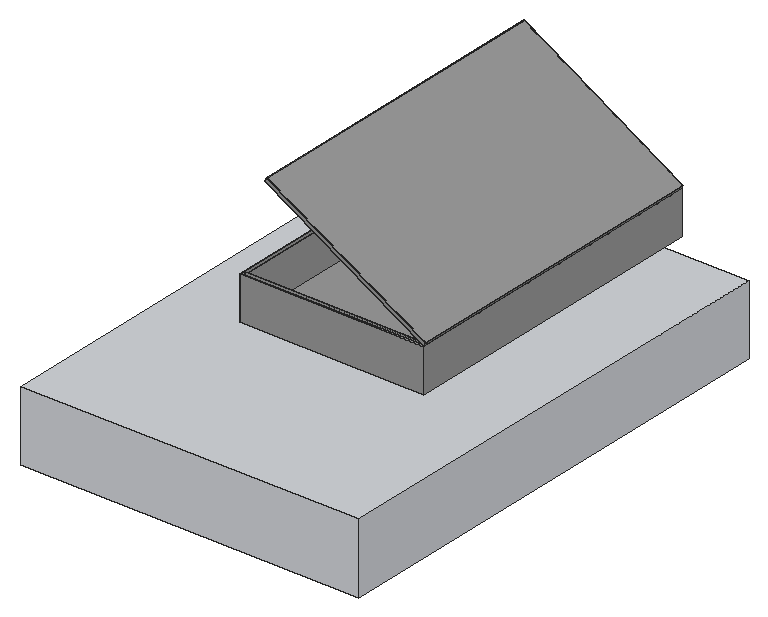
Revit family "Hager-Univers-IP54-D205-H1400-Cl.I-Encl-CH-it", category Equipement électrique, Revit 2020
Family settings
  Hôte = Face
  Configuration du panneau = Deux colonnes, circuits au sein
  Cote de connecteur circulaire = Utiliser le diamètre
  Type d'élément = Tableau de raccordement
  Couper avec des vides une fois chargée = Non
  Partagée = Non
  Point de calcul de pièce = Non
Parameters (values of type "A parete IP54 L800 A1400 P205  - FP93TW2")
  Width Control [instance] = if([EF000008 - Larghezza] > Min Width, [EF000008 - Larghezza], Min Width)  # 800 mm
  Commentaires du type = [HG000003 - Gamma]  # "Univers"
  Thickness Door [instance] = if([EF009171 - spessore materiale porta/coperchio] > 3 mm, 3 mm, [EF009171 - spessore materiale porta/coperchio])  # 1 mm
  Seal Frame Offset [instance] = 17 mm  # constant formula
  Plinth Visibility [instance] = [HG000027 - Altezza dello zoccolo] > 0 mm  # no
  Model = ""
  Min Width [instance] = 100 mm  # constant formula
  Min Height [instance] = 100 mm  # constant formula
  Min Depth [instance] = (2 * [EF009170 - spessore materiale scatola]) + 1 mm  # 3 mm
  Internal Frame Depth [instance] = (Door System Depth * 0.5)  # 9 mm
  Height Control [instance] = if([EF000040 - Altezza] > Min Height, [EF000040 - Altezza], Min Height)  # 1400 mm
  HG000027 - Altezza dello zoccolo = 0 mm
  HG000026 - A pavimento = no
  HG000024 - Altezza della sezione inferiore = 800 mm
  HG000023 - Custodia a doppia sezione = no
  HG000016 - Visibilità delle porte nella vista 3D [instance] = yes
  HG000015 - Visibilità attraverso la porta [instance] = no
  HG000014 - Porta destra [instance] = yes
  HG000013 - Porta sinistra [instance] = not([HG000014 - Porta destra])  # no
  HG000012 - Angolo di apertura della porta [instance] = 30.00°
  HG000010 - Porte asimmetriche = no
  HG000009 - Porta doppia a battente = no
  HG000006 - Ad incasso = no
  HG000004 - Codice produttore = "FP93TW2"
  HG000003 - Gamma = "Univers"
  HG000002 - Con porta = yes
  Frame Offset Bottom [instance] = 10 mm  # constant formula
  Frame Offset [instance] = 15 mm  # constant formula
  EF015940 - Coprire con rilascio di sovrapressione = no
  EF011959 - tipo di protezione (NEMA) = ""
  EF009554 - numero delle aperture per la piastra della flangia = 6
  Fabricant = "Hager"  # constant formula
  EF009212 - esecuzione coperchio = "EV000116 - chiuso"
  EF009171 - spessore materiale porta/coperchio = 1 mm
  EF009170 - spessore materiale scatola = 1 mm
  EF008873 - corrente nominale (In) = 250 A
  EF007800 - adatto per parafulmine = no
  EF006306 - con serratura = no
  EF006244 - coperchio/porta trasparente = no
  EF005474 - grado di protezione (IP) = "EV006419 - IP54"
  EF004464 - tipo di porta = "EV002646 - singolo"
  EF004427 - numero di moduli = 324
  EF004293 - resistenza agli urti = "EV006815 - IK09"
  EF003532 - adatto per uso esterno = no
  EF002950 - Numero moduli DIN = 36
  EF001613 - Integrità del circuito = "EV000494 - senza"
  EF001596 - Attacco Lampada = "EV000179 - acciaio"
  EF001131 - profondità interna = 130 mm
  EF001088 - possibilità di applicazione = yes
  EF000437 - numero di ingressi per conduttori = 6
  EF000339 - tipo di copertura = "EV001012 - coperchio"
  EF000266 - numero di file = 9
  EF000218 - profondità di incasso = 205 mm
  EF000118 - con piastra di montaggio = no
  EF000116 - numero RAL = "9010"
  EF000049 - profondità = 205 mm
  EF000040 - Altezza = 1400 mm
  EF000008 - Larghezza = 800 mm
  EF000007 - colore = "EV000202 - bianco"
  EF000003 - Tipo di montaggio = "EV000384 - A parete"
  Door System Leaf Tolerance [instance] = 1.5 mm  # constant formula
  Door System Depth [instance] = 18 mm  # constant formula
  Door Height [instance] = Height Control - [HG000027 - Altezza dello zoccolo]  # 1400 mm
  Depth Control [instance] = if([EF000049 - profondità] > Min Depth, [EF000049 - profondità], Min Depth)  # 205 mm
  Default Elevation = 0 mm
  Connector Offset [instance] = Height Control / 2  # 700 mm
  Bottom Top Plate Trim [instance] = 1.5 mm  # constant formula
  Plinth height Ctrl [instance] = if([HG000027 - Altezza dello zoccolo] > 0 mm, [HG000027 - Altezza dello zoccolo], 12 mm)  # 12 mm
Types (5, lengths in mm): name | Width Control | HG000009 - Porta doppia a battente | HG000004 - Codice produttore | EF009554 - numero delle aperture per la piastra della flangia | EF004464 - tipo di porta | EF004427 - numero di moduli | EF002950 - Numero moduli DIN | EF000437 - numero di ingressi per conduttori | EF000008 - Larghezza
  A parete IP54 L1050 A1400 P205  - FP94TW2 | 1050 | no | "FP94TW2" | 8 | "EV003602 - doppio" | 432 | 48 | 8 | 1050
  A parete IP54 L1300 A1400 P205  - FP95TW2 | 1300 | yes | "FP95TW2" | 10 | "EV003602 - doppio" | 540 | 60 | 10 | 1300
  A parete IP54 L300 A1400 P205  - FP91TW2 | 300 | no | "FP91TW2" | 2 | "EV002646 - singolo" | 108 | 12 | 2 | 300
  A parete IP54 L550 A1400 P205  - FP92TW2 | 550 | no | "FP92TW2" | 4 | "EV002646 - singolo" | 216 | 24 | 4 | 550
  A parete IP54 L800 A1400 P205  - FP93TW2 | 800 | no | "FP93TW2" | 6 | "EV002646 - singolo" | 324 | 36 | 6 | 800
Reference planes
  plane 1 "Center (Front/Back)": y = 0
  plane 2: z = 0
  plane 3 "Center (Left/Right)": x = 0
  plane 4: z = 205
  plane 5: y = 1
  plane 6: y = 700
  plane 7: y = 0
  plane 8: y = 1400
  plane 9: z = 0
  plane 10: x = -385
  plane 11: x = 385
  plane 12: x = 384
  plane 13: x = -384
  plane 14: y = 1399
  plane 15: x = -383
  plane 16: x = -400
  plane 17: x = 383
  plane 18: x = 400
  plane 19: x = 399
  plane 20: x = -399
  plane 21: y = 11
  plane 22: y = 1400
  plane 23: y = 1384
  plane 24: z = 187
  plane 25: z = 1
  plane 26: z = 186
  plane 27: z = 204
Forms (mm)
  Extrusion 1, solid
    sketch origin (0, 0, 0) x (1, 0, 0) y (0, 1, 0)
      loop
        line (-702.964, 1305) -> (-702.964, -811.445) -> (766.763, -811.445) -> (766.763, 1305) -> (-702.964, 1305)
    from 0 to -304.8
  Extrusion 2, solid, material "Hager_Steel_RAL7035_Light_Grey", visible <- "Plinth Visibility", detail levels medium+fine
    sketch origin (0, 0, 0) x (1, 0, 0) y (0, 1, 0)
      loop
        line (-400, 0) -> (400, 0) -> (400, 12) -> (-400, 12) -> (-400, 0)
    from 0 to 187
  Extrusion 3, solid, material "Hager_Steel_RAL7035_Light_Grey", detail levels medium+fine
    sketch origin (0, 0, 0) x (1, 0, 0) y (0, 1, 0)
      loop
        line (-400, 0) -> (400, 0) -> (400, 1400) -> (-400, 1400) -> (-400, 0)
    from 0 to 187
  Extrusion 4, void
    sketch origin (0, 0, 0) x (1, 0, 0) y (0, 1, 0)
      loop
        line (-399, 1) -> (399, 1) -> (399, 1399) -> (-399, 1399) -> (-399, 1)
    from 1 to 186
  Extrusion 5, void
    sketch origin (-381.607, -4572, 187) x (0, -1, 0) y (-1, 0, 0)
      loop
        line (-4583, 2.393) -> (-5956, 2.393) -> (-5956, -765.607) -> (-4583, -765.607) -> (-4583, 2.393)
    from 0 to 1 <- "EF009170 - spessore materiale scatola"
  Extrusion 6, solid, material "Hager_Steel_RAL7035_Light_Grey", detail levels fine
    sketch origin (0, 0, 187) x (1, 0, 0) y (0, 1, 0)
      loop
        line (-384, 1384) -> (-384, 11) -> (384, 11) -> (384, 1384) -> (-384, 1384)
      loop
        line (-385, 10) -> (385, 10) -> (385, 1385) -> (-385, 1385) -> (-385, 10)
    from 0 to 9 <- "Internal Frame Depth"
  Extrusion 7, solid, material "Hager_Steel_RAL7035_Light_Grey", detail levels coarse
    sketch origin (0, 0, 0) x (1, 0, 0) y (0, 1, 0)
      loop
        line (-400, 0) -> (400, 0) -> (400, 1400) -> (-400, 1400) -> (-400, 0)
    from 0 to 205
  Sweep 8, void
    path in 3D
      loop
        line (-400, 12, 0) -> (400, 12, 0) -> (400, 12, 187) -> (-400, 12, 187) -> (-400, 12, 0)
    profile origin (-400, 12, 93.5) x (-1, 0, 0) y (0, -1, 0)
      loop
        line (0, 0) -> (0, 1.5) -> (-1.5, 1.5)
        arc (-1.5, 1.5) -> (-1.061, 0.439) -> (0, 0) r 1.5
Cuts and joins
  Extrusion 4, Extrusion 5 cuts Extrusion 3
  Sweep 8 cuts Extrusion 2
Lines and regions (mm)
  Masking region 1
    outline origin (0, 0, 0) x (1, 0, 0) y (0, 0, 1)
      loop
        line (-400, 205) -> (-400, 0) -> (400, 0) -> (400, 205) -> (-400, 205)
  Masking region 2, detail levels medium+fine
    outline origin (0, 140, 0) x (0, 1, 0) y (0, 0, 1)
      loop
        line (-140, 0) -> (1260, 0) -> (1260, 187) -> (-140, 187) -> (-140, 0)
  Masking region 3, not visible, detail levels medium+fine
    outline origin (0, 297.922, 0) x (0, 1, 0) y (0, 0, 1)
      loop
        line (413.578, 0) -> (453.578, 0) -> (453.578, 194)
        arc (453.578, 194) -> (450.649, 201.071) -> (443.578, 204) r 10
        line (443.578, 204) -> (413.578, 204) -> (413.578, 0)
  Masking region 4, detail levels coarse
    outline origin (0, 0, 180) x (0, 1, 0) y (0, 0, 1)
      loop
        line (0, -180) -> (1400, -180) -> (1400, 25) -> (0, 25) -> (0, -180)
  Masking region 5, visible <- "Plinth Visibility", detail levels medium+fine
    outline origin (0, 52.24, 12.345) x (0, 0, -1) y (0, 1, 0)
      loop
        line (10.845, -40.24) -> (-173.155, -40.24)
        arc (-173.155, -40.24) -> (-173.594, -41.301) -> (-174.655, -41.74) r 1.5
        line (-174.655, -41.74) -> (-174.655, -52.24) -> (12.345, -52.24) -> (12.345, -41.74)
        arc (12.345, -41.74) -> (11.285, -41.301) -> (10.845, -40.24) r 1.5
  Masking region 6, detail levels medium+fine
    outline origin (-381.607, -4572, 187) x (-1, 0, 0) y (0, -1, 0)
      loop
        line (18.393, -5972) -> (18.393, -4572) -> (-781.607, -4572) -> (-781.607, -5972) -> (18.393, -5972)
  Masking region 7, visible <- "Plinth Visibility", detail levels medium+fine
    outline origin (-381.607, -4727, 187) x (-1, 0, 0) y (0, -1, 0)
      loop
        arc (16.893, -4739) -> (17.332, -4737.939) -> (18.393, -4737.5) r 1.5
        line (18.393, -4737.5) -> (18.393, -4727) -> (-781.607, -4727) -> (-781.607, -4737.5)
        arc (-781.607, -4737.5) -> (-780.546, -4737.939) -> (-780.107, -4739) r 1.5
        line (-780.107, -4739) -> (16.893, -4739)
  Masking region 8, detail levels coarse
    outline origin (-442.548, -4669.526, 187) x (-1, 0, 0) y (0, -1, 0)
      loop
        line (-42.548, -6069.526) -> (-42.548, -4669.526) -> (-842.548, -4669.526) -> (-842.548, -6069.526) -> (-42.548, -6069.526)
  sketch lines
    curve 1: line (-400, 12, 187) -> (-400, 12, 0)
    curve 2: line (400, 12, 187) -> (-400, 12, 187)
    curve 3: line (400, 12, 187) -> (400, 12, 0)
    curve 4: line (-400, 12, 0) -> (400, 12, 0)
Dimensions and locks
  "Depth Control": plane 4 to Extrusion 1
  "HG000027 - Altezza dello zoccolo": plane 1 "Center (Front/Back)" to plane 7
  "EF009170 - spessore materiale scatola": plane 5 to plane 7
  locked: connector elem to plane 3 "Center (Left/Right)"
  equal spacing: plane 8, plane 6, plane 7
  locked: connector elem to plane 6
  "EF009170 - spessore materiale scatola": plane 8 to plane 14
  "EF009170 - spessore materiale scatola": plane 10 to plane 13
  "EF009170 - spessore materiale scatola": plane 12 to plane 11
  "Frame Offset": plane 20 to plane 13
  "Frame Offset": plane 12 to plane 19
  "EF009170 - spessore materiale scatola": plane 16 to plane 20
  "EF009170 - spessore materiale scatola": plane 19 to plane 18
  "Seal Frame Offset": plane 16 to plane 15
  "Seal Frame Offset": plane 17 to plane 18
  "Frame Offset Bottom": plane 21 to plane 5
  "Frame Offset": plane 14 to plane 23
  equal spacing: plane 16, plane 3 "Center (Left/Right)", plane 18
  "Width Control": plane 16 to plane 18
  "EF009170 - spessore materiale scatola": plane 4 to plane 27
  "EF009170 - spessore materiale scatola": plane 24 to plane 26
  "EF009170 - spessore materiale scatola": plane 25 to level
  "Door System Depth": plane 4 to plane 24
  "Height Control": plane 1 "Center (Front/Back)" to Extrusion 7 sketch curve
  "Height Control": Masking region 4 sketch curve to plane 1 "Center (Front/Back)"
  "Height Control": plane 1 "Center (Front/Back)" to plane 22
  "Bottom Top Plate Trim": profile plane to Sweep 8 sketch curve
  "Bottom Top Plate Trim": Sweep 8 sketch curve to profile plane
  "Plinth height Ctrl": plane 1 "Center (Front/Back)" to Extrusion 2 sketch curve
  "Plinth height Ctrl": Masking region 5 sketch curve to plane 1 "Center (Front/Back)"
  "Plinth height Ctrl": plane 1 "Center (Front/Back)" to Masking region 7 sketch curve
  "Thickness Door": Extrusion 6 sketch curve to Extrusion 6 sketch curve  (x3)
  "Thickness Door": cut or joined group of Extrusion 3, Extrusion 4, Extrusion 5 to Extrusion 6 sketch curve
  radius of Masking region 3 sketch curve = 10 mm
  "Bottom Top Plate Trim": radius of Masking region 5 sketch curve  (x2)
  "Bottom Top Plate Trim": radius of Sweep 8 sketch curve
  "Bottom Top Plate Trim": radius of Masking region 7 sketch curve  (x2)
  aligned and locked: plane 2 to Extrusion 1
  aligned and locked: level to Extrusion 1
  aligned and locked: level to Masking region 1 sketch curve
  aligned and locked: Masking region 1 sketch curve to plane 18
  aligned and locked: Masking region 1 sketch curve to plane 16
  aligned and locked: plane 7 to Masking region 2 sketch curve
  aligned and locked: level to Masking region 3 sketch curve
  aligned and locked: Masking region 3 sketch curve to plane 27
  aligned and locked: level to Masking region 2 sketch curve
  aligned and locked: plane 1 "Center (Front/Back)" to Extrusion 2 sketch curve
  aligned and locked: Extrusion 3 sketch curve to plane 7
  aligned and locked: plane 16 to Extrusion 3 sketch curve
  aligned and locked: plane 18 to Extrusion 3 sketch curve
  aligned and locked: plane 20 to Extrusion 4 sketch curve
  aligned and locked: plane 19 to Extrusion 4 sketch curve
  aligned and locked: Extrusion 4 sketch curve to plane 5
  aligned and locked: Extrusion 4 to plane 25
  aligned and locked: plane 26 to Extrusion 4
  aligned and locked: plane 24 to Extrusion 3
  aligned and locked: Extrusion 5 sketch curve to plane 21
  aligned and locked: Extrusion 5 sketch curve to plane 13
  aligned and locked: Extrusion 5 sketch curve to plane 12
  aligned and locked: plane 18 to Extrusion 7 sketch curve
  aligned and locked: plane 1 "Center (Front/Back)" to Extrusion 7 sketch curve
  aligned and locked: plane 16 to Extrusion 7 sketch curve
  aligned and locked: plane 4 to Extrusion 7
  aligned and locked: Extrusion 7 to level
  aligned and locked: level to Masking region 4 sketch curve
  aligned and locked: Masking region 4 sketch curve to plane 1 "Center (Front/Back)"
  aligned and locked: Masking region 4 sketch curve to plane 4
  aligned and locked: nested 1 to level
  aligned and locked: nested 1 to plane 16
  aligned and locked: plane 8 to Extrusion 3 sketch curve
  aligned and locked: plane 23 to Extrusion 5 sketch curve
  aligned and locked: plane 14 to Extrusion 4 sketch curve
  aligned and locked: Masking region 2 sketch curve to plane 8
  aligned and locked: level to Masking region 5 sketch curve
  aligned and locked: plane 16 to Extrusion 2 sketch curve
  aligned and locked: plane 18 to Extrusion 2 sketch curve
  aligned and locked: Masking region 5 sketch curve to plane 24
  aligned and locked: Masking region 2 sketch curve to plane 24
  aligned and locked: plane 24 to Extrusion 2
  aligned and locked: profile plane to Sweep 8 sketch curve  (x2)
  aligned and locked: Masking region 6 sketch curve to plane 18
  aligned and locked: Masking region 6 sketch curve to plane 22
  aligned and locked: Masking region 6 sketch curve to plane 16
  aligned and locked: plane 8 to plane 22
  aligned and locked: Masking region 6 sketch curve to plane 7
  aligned and locked: Masking region 7 sketch curve to plane 16
  aligned and locked: Masking region 7 sketch curve to plane 1 "Center (Front/Back)"
  aligned and locked: Masking region 7 sketch curve to plane 18
  aligned and locked: Masking region 8 sketch curve to plane 1 "Center (Front/Back)"
  aligned and locked: Masking region 8 sketch curve to plane 18
  aligned and locked: Masking region 8 sketch curve to plane 22
  aligned and locked: Masking region 8 sketch curve to plane 16
  aligned and locked: nested 2 to plane 7
  aligned and locked: plane 3 "Center (Left/Right)" to nested 2
  aligned and locked: nested 2 to plane 24
  aligned and locked: Extrusion 6 sketch curve to cut or joined group of Extrusion 3, Extrusion 4, Extrusion 5  (x4)
Automatic sketch dimensions
  Extrusion 1 sketch curve to Extrusion 1 sketch curve = 1469.727 mm
  Extrusion 1 sketch curve to Extrusion 1 sketch curve = 2116.445 mm
  Masking region 1 sketch curve to plane 4 = 0 mm
  plane 6 to Masking region 3 sketch curve = 11.5 mm
  Masking region 3 sketch curve to Masking region 3 sketch curve = 30 mm
  Masking region 5 sketch curve to plane 1 "Center (Front/Back)" = 0 mm
Nested families
  nested 1: "Hager_Enclosure_Symbol" at (-400, 0, 0) x (1, 0, 0) z (0, -1, 0), Height <- "Depth Control", Width <- "Width Control", type "Hager_Enclosure_Symbol"
    with Width_Ctrl 800 mm, Width 800 mm, Height_Ctrl 205 mm, Height 205 mm, A_Width_Int 13.453 mm, A_Width 161.438 mm, A_Height_Ctrl 179.375 mm, A_Height 179.375 mm
  nested 2: "EC000058_Univers_Door" at (0, 0, 187) x (1, 0, 0) z (0, 1, 0), Leaf_Tolerance <- "Door System Leaf Tolerance", Angle <- "HG000012 - Angolo di apertura della porta", Door_Depth <- "Door System Depth", Door_Left <- "HG000013 - Porta sinistra", Transparent <- "EF006244 - coperchio/porta trasparente", Assymetrical <- "HG000010 - Porte asimmetriche", Width <- "Width Control", Clearance <- "HG000015 - Visibilità attraverso la porta", Double <- "HG000009 - Porta doppia a battente", 3d_Door <- "HG000016 - Visibilità delle porte nella vista 3D", Lock_Visibility <- "EF006306 - con serratura", Width_Ctrl <- "Width Control", Door_Right <- "HG000014 - Porta destra", Door <- "HG000002 - Con porta", Height <- "Door Height", Thickness <- "Thickness Door", type "EC000058_Univers_Door", detail levels medium+fine
    with min_wh 3 mm, Width_Ctrl 800 mm, Width 800 mm, Transparent no, Thickness 1 mm, Seal_Material Hager_Rubber, Lock_Visibility no, Lock_Material Hager_Plastic_RAL9005_Jet_Black, Leaf_Width 800 mm, Leaf_Tolerance_External_Sides 0 mm, Leaf_Tolerance 1.5 mm, Leaf_Offset 0 mm, Leaf_Height 1397 mm, Leaf_2_Width 800 mm, Leaf_2_Offset 400 mm, Leaf_1_Width 800 mm, Leaf_1_Offset 400 mm, Height_Ctrl 1400 mm, Height 1400 mm, Glass_Material Hager_Glass, Double_Clearance_Ctrl no, Double no, Door_Right_Ctrl yes, Door_Right yes, Door_Material Hager_Steel_RAL7035_Light_Grey, Door_Left_Ctrl no, Door_Left no, Door_Depth 18 mm, Door yes, Clearance_Material Hager_Clearance, Clearance_Depth 800 mm, Clearance_Ctrl no, Clearance no, Assymetrical no, Angle 30.00°, 3d_Door yes
Connectors
  electrical at (0, 700, 0)
    settings: on plane 9, index 1, voltage 0 V, apparent load 0 VA, apparent load phase1 0 VA, apparent load phase2 0 VA, apparent load phase3 0 VA, power factor 1, load classification "Other", number of poles 1, system type 30, power factor state 1, is connector primary yes, connector utility no, sub classification motor no, connector description ""
Definition of nested family "EC000058_Univers_Door"
  Parameters (values of type "EC000058_Univers_Door")
    min_wh [instance] = (2 * Thickness) + 1 mm  # 11 mm
    Width_Ctrl [instance] = 400 mm
    Width [instance] = 500 mm
    Transparent [instance] = yes
    Thickness [instance] = 5 mm
    Seal_Material [instance] = none
    Lock_Visibility [instance] = yes
    Lock_Material [instance] = none
    Leaf_Width [instance] = if((Width_Ctrl - 2 * Leaf_Tolerance_External_Sides) > 0 mm, (Width_Ctrl - 2 * Leaf_Tolerance_External_Sides), min_wh)  # 400 mm
    Leaf_Tolerance_External_Sides [instance] = 0 mm  # constant formula
    Leaf_Tolerance [instance] = 1.5 mm
    Leaf_Offset [instance] = 0 mm  # constant formula
    Leaf_Height [instance] = if((Height_Ctrl - 2 * Leaf_Tolerance) > 0 mm, (Height_Ctrl - 2 * Leaf_Tolerance), min_wh)  # 497 mm
    Leaf_2_Width [instance] = if(and(and(Double, Assymetrical), Door_Left), (Leaf_Width / 3) - (Leaf_Tolerance / 2), if(and(and(Double, Assymetrical), Door_Right), (Leaf_Width / 3) * 2 - (Leaf_Tolerance / 2), if(and(Double, not(Assymetrical)), (Leaf_Width / 2) - Leaf_Tolerance, Leaf_Width)))  # 400 mm
    Leaf_2_Offset [instance] = if(and(Double, Assymetrical), Leaf_2_Width / 2, if(and(Double, not(Assymetrical)), Leaf_Width / 4, Leaf_Width / 2))  # 200 mm
    Leaf_1_Width [instance] = if(and(and(Double, Assymetrical), Door_Right), (Leaf_Width / 3) - (Leaf_Tolerance / 2), if(and(and(Double, Assymetrical), Door_Left), (Width / 3) * 2 - (Leaf_Tolerance / 2), if(and(Double, not(Assymetrical)), (Leaf_Width / 2) - Leaf_Tolerance, Leaf_Width)))  # 400 mm
    Leaf_1_Offset [instance] = if(and(Double, Assymetrical), Leaf_1_Width / 2, if(and(Double, not(Assymetrical)), Leaf_Width / 4, Leaf_Width / 2))  # 200 mm
    Height_Ctrl [instance] = if(Height > min_wh, Height, min_wh)  # 500 mm
    Height [instance] = 500 mm
    Glass_Material [instance] = none
    Double_Clearance_Ctrl [instance] = and(Double, Clearance)  # no
    Double [instance] = no
    Door_Right_Ctrl [instance] = and(or(Door_Right, Double), Door)  # yes
    Door_Right [instance] = yes
    Door_Material [instance] = none
    Door_Left_Ctrl [instance] = and(or(Door_Left, Double), Door)  # no
    Door_Left [instance] = no
    Door_Depth [instance] = 30 mm
    Door [instance] = yes
    Default Elevation = 1219.2 mm
    Clearance_Material [instance] = none
    Clearance_Depth [instance] = if(Leaf_1_Width > Leaf_2_Width, Leaf_1_Width, Leaf_2_Width)  # 400 mm
    Clearance_Ctrl [instance] = and(not(Double), Clearance)  # yes
    Clearance [instance] = yes
    Assymetrical [instance] = yes
    Angle [instance] = 30.00°
    3d_Door [instance] = yes
  Reference planes
    plane 1 "Center (Front/Back)": y = 0
    plane 2 "Bottom": z = 0
    plane 3 "Center (Left/Right)": x = 0
    plane 4: z = 500
    plane 5: x = -200
    plane 6: x = 200
    plane 7: z = 500
    plane 8: x = -200
    plane 9: z = 0
    plane 10: x = 200
    plane 11: y = 0
    plane 12: z = 1.5
    plane 13: x = -600
    plane 14: y = -400
    plane 15: x = 600
    plane 16: x = 0
    plane 17: x = 0
    plane 18: x = -200
    plane 19: x = 200
    plane 20: z = 498.5
  Forms (mm)
    Extrusion 1, solid, material <- "Clearance_Material", visible <- "Double_Clearance_Ctrl"
      sketch origin (1200, 0, 0) x (1, 0, 0) y (0, 0, -1)
        loop
          line (-1800, -498.5) -> (-600, -498.5) -> (-600, 0) -> (-1800, 0) -> (-1800, -498.5)
      from 0 to -400
  Dimensions and locks
    equal spacing: plane 5, plane 3 "Center (Left/Right)", plane 6
    "Width_Ctrl": plane 5 to plane 6
    "Leaf_Offset": plane 5 to plane 8
    "Leaf_Offset": plane 6 to plane 10
    "Leaf_Offset": plane 9 to level
    "Leaf_Offset": plane 4 to plane 7
    "Height_Ctrl": plane 4 to level
    "Leaf_Tolerance": plane 12 to plane 9
    locked: plane 11 to plane 1 "Center (Front/Back)"
    "Leaf_1_Offset": plane 18 to plane 16
    "Leaf_2_Offset": plane 17 to plane 19
    "Leaf_1_Width": plane 13 to plane 8
    "Leaf_2_Width": plane 10 to plane 15
    "Clearance_Depth": plane 14 to plane 1 "Center (Front/Back)"
    "Leaf_Tolerance_External_Sides": plane 8 to plane 18
    "Leaf_Tolerance_External_Sides": plane 19 to plane 10
    "Leaf_Tolerance": plane 7 to plane 20
    aligned and locked: level to plane 2 "Bottom"
    aligned and locked: nested 1 to plane 16
    aligned and locked: nested 2 to plane 17
    aligned and locked: Extrusion 1 to plane 13
    aligned and locked: plane 15 to Extrusion 1
    aligned and locked: Extrusion 1 to plane 14
    aligned and locked: plane 12 to nested 1
    aligned and locked: nested 2 to plane 12
    aligned and locked: Extrusion 1 to plane 11
    aligned and locked: plane 20 to Extrusion 1
    aligned and locked: nested 2 to plane 11
    aligned and locked: nested 1 to plane 11
  Automatic sketch dimensions
    Extrusion 1 sketch curve to level = 0 mm
    plane 5 to Extrusion 1 sketch curve = 400 mm
    plane 6 to Extrusion 1 sketch curve = 400 mm
    Extrusion 1 sketch curve to plane 4 = 1.5 mm
  Nested families
    nested 1: "EC000058_Univers_Door_Leaf" at (0, 0, 1.5), Width <- "Leaf_1_Width", visible <- "Door_Left_Ctrl", Leaf_Height <- "Leaf_Height", Angle <- "Angle", 3d_Door <- "3d_Door", Transparent <- "Transparent", Clearance Material <- "Clearance_Material", Clearance <- "Clearance_Ctrl", Door_Material <- "Door_Material", Glass_Material <- "Glass_Material", Door_Depth <- "Door_Depth", Lock_Material <- "Lock_Material", Seal_Material <- "Seal_Material", Lock_Visibility <- "Lock_Visibility", Thickness <- "Thickness", type "EC000058_Univers_Door_Leaf"
      with Width 400 mm, Transparent_Glass_Offset 30 mm, Transparent_Ctrl yes, Transparent yes, Thickness 5 mm, Standard no, Seal_Material none, Seal_D2 8 mm, Seal_D1 1 mm, Offset_Internal_Frame 10 mm, Lock_Width 20 mm, Lock_Visibility_3d yes, Lock_Visibility yes, Lock_Thickness_3 3 mm, Lock_Thickness_2 1 mm, Lock_Thickness_1 3 mm, Lock_Radius_Offset_2 16 mm, Lock_Radius_Offset_1 15 mm, Lock_Radius_2 5 mm, Lock_Radius 6 mm, Lock_Offset 5 mm, Lock_Material none, Lock_Height 80 mm, Lock_Cover_Top_Offset_2d 17 mm, Lock_Cover_Height -65 mm, Leaf_Height 497 mm, Internal_Seal_Thickness 8 mm, Internal_Seal_Depth_2 4.5 mm, Internal_Frame_Depth 25 mm, Glass_Thickness -1 mm, Glass_Offset -2 mm, Glass_Material none, Door_Material none, Door_Depth 30 mm, Clearance Material none, Clearance yes, Angle_Ctrl 30.00°, Angle 30.00°, 3d_Door yes
    nested 2: "EC000058_Univers_Door_Leaf" at (0, 0, 1.5) x (-1, 0, 0) z (0, 0, 1), Width <- "Leaf_2_Width", visible <- "Door_Right_Ctrl", Leaf_Height <- "Leaf_Height", Angle <- "Angle", 3d_Door <- "3d_Door", Transparent <- "Transparent", Clearance Material <- "Clearance_Material", Clearance <- "Clearance_Ctrl", Door_Material <- "Door_Material", Glass_Material <- "Glass_Material", Door_Depth <- "Door_Depth", Lock_Material <- "Lock_Material", Seal_Material <- "Seal_Material", Lock_Visibility <- "Lock_Visibility", Thickness <- "Thickness", type "EC000058_Univers_Door_Leaf"
      with Width 400 mm, Transparent_Glass_Offset 30 mm, Transparent_Ctrl yes, Transparent yes, Thickness 5 mm, Standard no, Seal_Material none, Seal_D2 8 mm, Seal_D1 1 mm, Offset_Internal_Frame 10 mm, Lock_Width 20 mm, Lock_Visibility_3d yes, Lock_Visibility yes, Lock_Thickness_3 3 mm, Lock_Thickness_2 1 mm, Lock_Thickness_1 3 mm, Lock_Radius_Offset_2 16 mm, Lock_Radius_Offset_1 15 mm, Lock_Radius_2 5 mm, Lock_Radius 6 mm, Lock_Offset 5 mm, Lock_Material none, Lock_Height 80 mm, Lock_Cover_Top_Offset_2d 17 mm, Lock_Cover_Height -65 mm, Leaf_Height 497 mm, Internal_Seal_Thickness 8 mm, Internal_Seal_Depth_2 4.5 mm, Internal_Frame_Depth 25 mm, Glass_Thickness -1 mm, Glass_Offset -2 mm, Glass_Material none, Door_Material none, Door_Depth 30 mm, Clearance Material none, Clearance yes, Angle_Ctrl 30.00°, Angle 30.00°, 3d_Door yes
  Definition of nested family "EC000058_Univers_Door_Leaf"
    Parameters (values of type "EC000058_Univers_Door_Leaf")
      Width [instance] = 2000 mm
      Transparent_Glass_Offset [instance] = 30 mm
      Transparent_Ctrl [instance] = and(Transparent, [3d_Door])  # yes
      Transparent [instance] = yes
      Thickness [instance] = 5 mm
      Standard [instance] = and(not(Transparent), [3d_Door])  # no
      Seal_Material [instance] = none
      Seal_D2 [instance] = 8 mm  # constant formula
      Seal_D1 [instance] = 1 mm  # constant formula
      Offset_Internal_Frame [instance] = 10 mm  # constant formula
      Lock_Width [instance] = 20 mm  # constant formula
      Lock_Visibility_3d [instance] = and(Lock_Visibility, [3d_Door])  # yes
      Lock_Visibility [instance] = yes
      Lock_Thickness_3 [instance] = 3 mm  # constant formula
      Lock_Thickness_2 [instance] = 1 mm  # constant formula
      Lock_Thickness_1 [instance] = 3 mm  # constant formula
      Lock_Radius_Offset_2 [instance] = Lock_Radius_Offset_1 + 1 mm  # 16 mm
      Lock_Radius_Offset_1 [instance] = 15 mm  # constant formula
      Lock_Radius_2 [instance] = Lock_Radius - 1 mm  # 5 mm
      Lock_Radius [instance] = 6 mm  # constant formula
      Lock_Offset [instance] = 5 mm  # constant formula
      Lock_Material [instance] = none
      Lock_Height [instance] = 80 mm  # constant formula
      Lock_Cover_Top_Offset_2d [instance] = Lock_Radius_Offset_2 + 1 mm  # 17 mm
      Lock_Cover_Height [instance] = -(Lock_Height - Lock_Radius_Offset_1)  # -65 mm
      Leaf_Height [instance] = 2720.336 mm
      Internal_Seal_Thickness [instance] = 8 mm  # constant formula
      Internal_Seal_Depth_2 [instance] = 4.5 mm  # constant formula
      Internal_Frame_Depth [instance] = if(Door_Depth - Thickness > 5 mm, Door_Depth - Thickness, 5 mm)  # 25 mm
      Glass_Thickness [instance] = if(Thickness > 15 mm, Glass_Offset + 10 mm, -1 mm)  # -1 mm
      Glass_Offset [instance] = if(Thickness > 15 mm, -(Thickness + 10 mm) / 2, -2 mm)  # -2 mm
      Glass_Material [instance] = none
      Door_Material [instance] = none
      Door_Depth [instance] = 30 mm
      Default Elevation = 0 mm
      Clearance Material [instance] = none
      Clearance [instance] = yes
      Angle_Ctrl [instance] = if(Angle > 180.00°, 180.00°, Angle)  # 90.00°
      Angle [instance] = 90.00°
      3d_Door [instance] = yes
    Reference planes
      plane 1 "Center (Front/Back)": y = 0
      plane 2: z = 0
      plane 3 "Center (Left/Right)": x = 0
      plane 4: y = 2000
      plane 5: x = -1000
      plane 6: x = 1000
      plane 7: x = -3000
      plane 8: z = 2720.336
      plane 9: z = 30
      plane 10: z = 2690.336
      plane 11: x = 970
      plane 12: x = -970
      plane 13: y = -3
      plane 14: z = 107.833
      plane 15: y = -5
      plane 16: y = -223.314
      plane 17: x = -1000
      plane 18: z = 1360.168
      plane 19: y = 30
    Forms (mm)
      Extrusion 1, solid, material <- "Clearance Material", visible <- "Clearance"
        sketch origin (0, 0, 0) x (1, 0, 0) y (0, 0, 1)
          loop
            line (-3000, 2720.336) -> (-3000, 0) -> (1000, 0) -> (1000, 2720.336) -> (-3000, 2720.336)
        from 0 to -2000
      Extrusion 2, solid, material <- "Door_Material", visible <- "Standard", detail levels medium+fine
        sketch origin (-1000, 0, 0) x (0, 1, 0) y (-1, 0, 0)
          loop
            line (0, 30) -> (0, 25) -> (2000, 25) -> (2000, 30) -> (0, 30)
        from 0 to 2720.336 <- "Leaf_Height"
      Extrusion 3, solid, material <- "Door_Material", visible <- "Transparent_Ctrl", detail levels medium+fine
        sketch origin (-1000, 0, 0) x (0, 1, 0) y (-1, 0, 0)
          loop
            line (0, 25) -> (2000, 25) -> (2000, 30) -> (0, 30) -> (0, 25)
        from 0 to 2720.336 <- "Leaf_Height"
      Extrusion 4, void
        sketch origin (-1025, 2000, 0) x (0, 1, 0) y (0, 0, -1)
          loop
            line (-30, -2690.336) -> (-30, -30) -> (-1970, -30) -> (-1970, -2690.336) -> (-30, -2690.336)
        from 0 to 5 <- "Thickness"
      Sweep 5, solid, material <- "Seal_Material", visible <- "Transparent_Ctrl", detail levels fine
        path in 3D
          loop
            line (-1025, 30, 30) -> (-1025, 30, 2690.336) -> (-1025, 1970, 2690.336) -> (-1025, 1970, 30) -> (-1025, 30, 30)
        profile origin (-1025, 1000, 30) x (1, 0, 0) y (0, 0, 1)
          loop
            line (0, 0) -> (0, -8) -> (1, -8) -> (1, 0) -> (0, 0)
      Extrusion 6, solid, material <- "Glass_Material", visible <- "Transparent_Ctrl", detail levels medium+fine
        sketch origin (-1030, 0, 0) x (0, 1, 0) y (0, 0, -1)
          loop
            line (1970, -2690.336) -> (1970, -30) -> (30, -30) -> (30, -2690.336) -> (1970, -2690.336)
        from -2 <- "Glass_Offset" to -1 <- "Glass_Thickness"
      Extrusion 7, solid, material <- "Door_Material", visible <- "3d_Door", detail levels medium+fine
        sketch origin (-1025, 2000, 0) x (0, -1, 0) y (0, 0, -1)
          loop
            line (0, -2720.336) -> (2000, -2720.336) -> (2000, 0) -> (0, 0) -> (0, -2720.336)
          loop
            line (1995, -5) -> (5, -5) -> (5, -2715.336) -> (1995, -2715.336) -> (1995, -5)
        from 0 to 25 <- "Internal_Frame_Depth"
      Sweep 8, solid, material <- "Seal_Material", visible <- "Transparent_Ctrl", detail levels fine
        path in 3D
          loop
            line (-1025, 0, 0) -> (-1025, 2000, 0) -> (-1025, 2000, 2720.336) -> (-1025, 0, 2720.336) -> (-1025, 0, 0)
        profile origin (-1025, 0, 1360.168) x (1, 0, 0) y (0, 1, 0)
          loop
            line (0, 10) -> (2.975, 10)
            arc (2.975, 10) -> (4.053, 10.447) -> (4.5, 11.525) r 1.525
            line (4.5, 11.525) -> (4.5, 16.527)
            arc (4.5, 16.527) -> (4.069, 17.569) -> (3.027, 18) r 1.473
            line (3.027, 18) -> (0, 18) -> (0, 10)
      Extrusion 9, solid, material <- "Lock_Material", visible <- "Lock_Visibility_3d", detail levels fine
        sketch origin (-1030, 0, 0) x (0, 1, 0) y (0, 0, -1)
          loop
            arc (1993.5, -1400.168) -> (1994.561, -1399.729) -> (1995, -1398.668) r 1.5
            line (1995, -1398.668) -> (1995, -1320.168) -> (1975, -1320.168) -> (1975, -1398.668)
            arc (1975, -1398.668) -> (1975.439, -1399.729) -> (1976.5, -1400.168) r 1.5
            line (1976.5, -1400.168) -> (1993.5, -1400.168)
        from 3 <- "Lock_Thickness_1" to 0
      Blend 10, solid, material <- "Lock_Material", visible <- "Lock_Visibility_3d", detail levels fine
        base sketch origin (-1033, 0, 0) x (0, 1, 0) y (0, 0, -1)
          loop
            line (1975, -1320.168) -> (1975, -1398.668)
            arc (1975, -1398.668) -> (1975.439, -1399.729) -> (1976.5, -1400.168) r 1.5
            line (1976.5, -1400.168) -> (1993.5, -1400.168)
            arc (1993.5, -1400.168) -> (1994.561, -1399.729) -> (1995, -1398.668) r 1.5
            line (1995, -1398.668) -> (1995, -1320.168) -> (1975, -1320.168)
        top sketch origin (-1033, 0, 0) x (0, 1, 0) y (0, 0, -1)
          loop
            line (1976, -1320.168) -> (1976, -1398.668)
            arc (1976, -1398.668) -> (1976.146, -1399.022) -> (1976.5, -1399.168) r 0.5
            line (1976.5, -1399.168) -> (1993.5, -1399.168)
            arc (1993.5, -1399.168) -> (1993.854, -1399.022) -> (1994, -1398.668) r 0.5
            line (1994, -1398.668) -> (1994, -1320.168) -> (1976, -1320.168)
        from 0 to 1 <- "Lock_Thickness_2"
      Blend 11, solid, material <- "Lock_Material", visible <- "Lock_Visibility_3d", detail levels fine
        base sketch origin (-1034, 0, 0) x (0, 1, 0) y (0, 0, -1)
          loop
            line (1978, -1320.168) -> (1978, -1384.168)
            arc (1978, -1384.168) -> (1985, -1391.168) -> (1992, -1384.168) r 7
            line (1992, -1384.168) -> (1992, -1320.168) -> (1978, -1320.168)
        top sketch origin (-1034, 0, 0) x (0, 1, 0) y (0, 0, -1)
          loop
            line (1991, -1320.168) -> (1979, -1320.168) -> (1979, -1383.168)
            arc (1979, -1383.168) -> (1985, -1389.168) -> (1991, -1383.168) r 6
            line (1991, -1383.168) -> (1991, -1320.168)
        from 0 to 3 <- "Lock_Thickness_3"
      Extrusion 12, solid, material <- "Lock_Material", visible <- "Lock_Visibility_3d", detail levels fine
        sketch origin (-1030, 1975, 1320.168) x (1, 0, 0) y (0, -1, 0)
          loop
            line (-7, -19) -> (-7, -1) -> (0, -1) -> (0, 0) -> (-8, 0) -> (-8, -20) -> (0, -20) -> (0, -19) -> (-7, -19)
        from 0 to -65 <- "Lock_Cover_Height"
      Extrusion 13, void
        sketch origin (-1038, 1995, 1320.168) x (-1, 0, 0) y (0, 0, -1)
          loop
            line (-5, -65) -> (0, -65) -> (-5, -60) -> (-5, -65)
        from 0 to 20 <- "Lock_Width"
      Extrusion 14, void
        sketch origin (-1038, 1975, 1320.168) x (0, -1, 0) y (0, 0, -1)
          loop
            circle (-10, -15.995) r 6
          loop
            circle (-10, -15.995) r 5
        from 0 to 2
      Extrusion 15, solid, material <- "Lock_Material", visible <- "Lock_Visibility_3d", detail levels medium
        sketch origin (-1030, 0, 0) x (0, 1, 0) y (0, 0, -1)
          loop
            arc (1993.5, -1400.168) -> (1994.561, -1399.729) -> (1995, -1398.668) r 1.5
            line (1995, -1398.668) -> (1995, -1320.168) -> (1975, -1320.168) -> (1975, -1398.668)
            arc (1975, -1398.668) -> (1975.439, -1399.729) -> (1976.5, -1400.168) r 1.5
            line (1976.5, -1400.168) -> (1993.5, -1400.168)
        from 8 to 0
    Cuts and joins
      Extrusion 4 cuts Extrusion 3
      Extrusion 13, Extrusion 14 cuts Extrusion 9
      Extrusion 14 cuts Blend 11
      Extrusion 13, Extrusion 14 cuts Extrusion 12
      joined: Extrusion 9, Blend 10, Blend 11, Extrusion 12
      Extrusion 14 cuts Extrusion 15
    Lines and regions (mm)
      Masking region 1, visible <- "Lock_Visibility", detail levels fine
        outline origin (0, 0, 0) x (0, 1, 0) y (0, 0, 1)
          loop
            line (30, 1320.168) -> (33, 1320.168) -> (33, 1400.168) -> (30, 1400.168) -> (30, 1320.168)
      Masking region 2, visible <- "Lock_Visibility", detail levels fine
        outline origin (0, 3.143, 0) x (0, 1, 0) y (0, 0, 1)
          loop
            line (29.857, 1354.168) -> (30.857, 1354.168) -> (30.857, 1366.168) -> (29.857, 1366.168) -> (29.857, 1354.168)
      Masking region 3, detail levels medium+fine
        outline origin (0, 0, 0) x (0, 1, 0) y (0, 0, 1)
          loop
            line (0, 0) -> (30, 0) -> (30, 2720.336) -> (0, 2720.336) -> (0, 0)
      Masking region 4, detail levels medium+fine
        outline origin (0, 0, 0) x (1, 0, 0) y (0, 0, 1)
          loop
            line (-1000, 2720.336) -> (-1000, 0) -> (1000, 0) -> (1000, 2720.336) -> (-1000, 2720.336)
      Masking region 5, visible <- "Lock_Visibility", detail levels fine
        outline origin (-47.116, 0, 0) x (1, 0, 0) y (0, 0, 1)
          loop
            arc (1024.616, 1399.168) -> (1023.556, 1398.729) -> (1023.116, 1397.668) r 1.5
            line (1023.116, 1397.668) -> (1023.116, 1320.168) -> (1041.116, 1320.168) -> (1041.116, 1397.668)
            arc (1041.116, 1397.668) -> (1040.677, 1398.729) -> (1039.616, 1399.168) r 1.5
            line (1039.616, 1399.168) -> (1024.616, 1399.168)
      Masking region 6, visible <- "Lock_Visibility", detail levels medium+fine
        outline origin (-25, 0, 0) x (1, 0, 0) y (0, 0, 1)
          loop
            arc (1001.5, 1400.168) -> (1000.439, 1399.729) -> (1000, 1398.668) r 1.5
            line (1000, 1398.668) -> (1000, 1320.168) -> (1020, 1320.168) -> (1020, 1398.668)
            arc (1020, 1398.668) -> (1019.561, 1399.729) -> (1018.5, 1400.168) r 1.5
            line (1018.5, 1400.168) -> (1001.5, 1400.168)
      Masking region 7, visible <- "Lock_Visibility", detail levels fine
        outline origin (-73.735, 0, 0) x (1, 0, 0) y (0, 0, 1)
          loop
            line (1051.735, 1382.168) -> (1065.735, 1382.168) -> (1065.735, 1384.168)
            arc (1065.735, 1384.168) -> (1058.735, 1391.168) -> (1051.735, 1384.168) r 7
            line (1051.735, 1384.168) -> (1051.735, 1382.168)
      Masking region 8, visible <- "Lock_Visibility", detail levels fine
        outline origin (-73.735, 0, 0) x (1, 0, 0) y (0, 0, 1)
          loop
            line (1052.735, 1382.168) -> (1064.735, 1382.168) -> (1064.735, 1383.168)
            arc (1064.735, 1383.168) -> (1058.735, 1389.168) -> (1052.735, 1383.168) r 6
            line (1052.735, 1383.168) -> (1052.735, 1382.168)
      Masking region 9, visible <- "Lock_Visibility", detail levels fine
        outline origin (-25, 0, 0) x (1, 0, 0) y (0, 0, 1)
          loop
            line (1020, 1320.168) -> (1020, 1382.168) -> (1000, 1382.168) -> (1000, 1320.168) -> (1020, 1320.168)
      Masking region 10, detail levels medium+fine
        outline origin (0, 0, 0) x (1, 0, 0) y (0, 0, 1)
          loop
            circle (985, 1335.144) r 6
      Masking region 11, detail levels fine
        outline origin (0, 0, 0) x (1, 0, 0) y (0, 0, 1)
          loop
            circle (985, 1335.144) r 5
      Masking region 12, visible <- "Lock_Visibility", detail levels fine
        outline origin (0, 12.767, 0) x (0, 1, 0) y (0, 0, 1)
          loop
            line (20.233, 1320.168) -> (21.233, 1320.168) -> (21.233, 1399.168) -> (20.233, 1400.168) -> (20.233, 1320.168)
      Masking region 13, visible <- "Lock_Visibility", detail levels fine
        outline origin (0, 13.767, -10) x (0, 1, 0) y (0, 0, 1)
          loop
            line (20.233, 1330.168) -> (23.233, 1330.168) -> (23.233, 1399.168) -> (20.233, 1402.168) -> (20.233, 1330.168)
      Masking region 14, visible <- "Lock_Visibility", detail levels fine
        outline origin (0, 12.767, -10) x (0, 1, 0) y (0, 0, 1)
          loop
            line (20.233, 1330.168) -> (25.233, 1330.168) -> (25.233, 1399.305) -> (20.233, 1394.305) -> (20.233, 1330.168)
      Masking region 15, visible <- "Lock_Visibility", detail levels medium
        outline origin (0, 0, 0) x (0, 1, 0) y (0, 0, 1)
          loop
            line (30, 1320.168) -> (38, 1320.168) -> (38, 1400.168) -> (30, 1400.168) -> (30, 1320.168)
      Masking region 16, visible <- "Lock_Visibility", detail levels fine
        outline origin (-1000, 0, 0) x (0, 1, 0) y (-1, 0, 0)
          loop
            line (1975, 30) -> (1995, 30) -> (1995, 38) -> (1975, 38) -> (1975, 30)
          loop
            line (1979, 37) -> (1976, 37) -> (1976, 34) -> (1978, 34) -> (1979, 37)
          loop
            line (1994, 37) -> (1991, 37) -> (1992, 34) -> (1994, 34) -> (1994, 37)
      Masking region 17, visible <- "Lock_Visibility", detail levels medium
        outline origin (-1000, 0, 0) x (0, 1, 0) y (-1, 0, 0)
          loop
            line (1975, 30) -> (1995, 30) -> (1995, 38) -> (1975, 38) -> (1975, 30)
      symbolic lines
        curve 1: line (1000, 0, 0) -> (-3000, 0, 0)
        curve 2: arc (1000, 0, 0) -> (-1000, 2000, 0) -> (-3000, 0, 0) r 2000
        curve 4: line (-1030, 0, 0) -> (-1030, 2000, 0)
      reference lines
        curve 3: line (-1000, 0, 0) -> (-1000, 2000, 0)
      symbolic lines, detail levels medium+fine
        curve 5: line (-1030, 2000, 0) -> (-1025, 2000, 0)
        curve 7: line (-1025, 0, 0) -> (-1030, 0, 0)
        curve 8: line (-1025, 0, 0) -> (-1000, 0, 0)
        curve 9: line (-1000, 0, 0) -> (-1000, 2000, 0)
        curve 10: line (-1000, 2000, 0) -> (-1025, 2000, 0)
      symbolic lines, detail levels fine
        curve 6: line (-1025, 2000, 0) -> (-1025, 0, 0)
      sketch lines
        curve 11: line (-1025, 0, 2720.336) -> (-1025, 0, 0)
        curve 12: line (-1025, 2000, 0) -> (-1025, 0, 0)
        curve 13: line (-1025, 2000, 2720.336) -> (-1025, 2000, 0)
        curve 14: line (-1025, 0, 2720.336) -> (-1025, 2000, 2720.336)
        curve 15: line (-1025, 1970, 30) -> (-1025, 30, 30)
        curve 16: line (-1025, 30, 30) -> (-1025, 30, 2690.336)
        curve 17: line (-1025, 1970, 2690.336) -> (-1025, 1970, 30)
        curve 18: line (-1025, 30, 2690.336) -> (-1025, 1970, 2690.336)
      symbolic lines, visible <- "Transparent", detail levels medium+fine
        curve 19: line (-970, 0, 2690.336) -> (970, 0, 2690.336)
        curve 20: line (-970, 0, 30) -> (-970, 0, 2690.336)
        curve 21: line (970, 0, 30) -> (-970, 0, 30)
        curve 22: line (970, 0, 2690.336) -> (970, 0, 30)
    Dimensions and locks
      "Width": plane 1 "Center (Front/Back)" to plane 4
      equal spacing: plane 5, plane 3 "Center (Left/Right)", plane 6
      "Width": plane 5 to plane 6
      "Width": plane 7 to plane 5
      "Leaf_Height": plane 8 to level
      "Width": curve 5 to curve 3
      "Width": curve 3 to curve 3
      plane 8 to plane 10 = 30 mm
      plane 9 to level = 30 mm
      plane 12 to plane 5 = 30 mm
      plane 6 to plane 11 = 30 mm
      Extrusion 1 to Extrusion 4 sketch curve = 30 mm
      "Transparent_Glass_Offset": curve 3 to Extrusion 4 sketch curve
      "Transparent_Glass_Offset": Extrusion 4 sketch curve to cut or joined group of Extrusion 3, Extrusion 4  (x2)
      cut or joined group of Extrusion 3, Extrusion 4 to Extrusion 6 sketch curve = 30 mm
      "Transparent_Glass_Offset": cut or joined group of Extrusion 3, Extrusion 4 to Extrusion 4 sketch curve
      "Thickness": curve 6 to curve 4
      "Thickness": Extrusion 7 sketch curve to Extrusion 7 sketch curve  (x4)
      "Door_Depth": curve 4 to curve 3
      "Offset_Internal_Frame": profile plane to Sweep 8 sketch curve
      "Internal_Seal_Thickness": Sweep 8 sketch curve to Sweep 8 sketch curve
      "Internal_Seal_Depth_2": profile plane to Sweep 8 sketch curve
      "Seal_D1": profile plane to Sweep 5 sketch curve
      "Seal_D2": profile plane to Sweep 5 sketch curve
      "Thickness": Extrusion 2 sketch curve to Extrusion 2 sketch curve
      equal spacing: Extrusion 9 sketch curve, plane 18, Extrusion 9 sketch curve  (x2)
      equal spacing: Masking region 1 sketch curve, plane 18, Masking region 1 sketch curve
      "Lock_Height": Masking region 1 sketch curve to Masking region 1 sketch curve
      "Lock_Radius": Masking region 2 sketch curve to plane 18 to Masking region 2 sketch curve
      Masking region 2 sketch curve to Masking region 1 = 1 mm
      "Door_Depth": plane 19 to plane 1 "Center (Front/Back)"
      "Lock_Thickness_1": Masking region 1 sketch curve to plane 19
      "Lock_Width": Extrusion 9 sketch curve to Extrusion 9 sketch curve
      "Lock_Height": Extrusion 9 sketch curve to Extrusion 9 sketch curve
      "Lock_Offset": cut or joined group of Extrusion 3, Extrusion 4 to Extrusion 9 sketch curve
      equal spacing: plane 8, plane 18, level
      "Lock_Radius_Offset_1": Blend 11 sketch curve to Blend 10
      locked: Blend 10 to Blend 11 sketch curve at 2  (x2)
      locked: var sketch to Blend 11 sketch curve at 1  (x2)
      "Lock_Radius_Offset_2": Blend 11 sketch curve to Blend 10
      locked: Extrusion 12 sketch curve to Extrusion 12 sketch curve at 1  (x3)
      Masking region 6 sketch curve to Masking region 6 sketch curve = 80 mm
      "Lock_Height": Masking region 6 sketch curve to Masking region 6 sketch curve
      "Lock_Width": Masking region 6 sketch curve to Masking region 6 sketch curve
      locked: Masking region 6 to Masking region 5 sketch curve at 1  (x3)
      locked: Masking region 5 to Masking region 7 sketch curve at 2  (x2)
      "Lock_Radius_Offset_1": Masking region 5 to Masking region 7 sketch curve
      "Lock_Radius_Offset_2": Masking region 5 to Masking region 8 sketch curve
      locked: Masking region 7 to Masking region 8 sketch curve at 1  (x2)
      "Lock_Cover_Top_Offset_2d": Masking region 5 to Masking region 9 sketch curve
      equal spacing: Masking region 9, Masking region 10 sketch curve, Masking region 9
      equal spacing: Masking region 9, Masking region 11 sketch curve, Masking region 9
      Extrusion 15 sketch curve to Extrusion 15 sketch curve = 80 mm
      "Lock_Width": Extrusion 15 sketch curve to Extrusion 15 sketch curve
      "Lock_Height": Extrusion 15 sketch curve to Extrusion 15 sketch curve
      equal spacing: Extrusion 15 sketch curve, plane 18, Extrusion 15 sketch curve
      "Lock_Thickness_3": Masking region 13 sketch curve to Masking region 13 sketch curve
      "Lock_Height": Masking region 12 sketch curve to Masking region 12 sketch curve
      locked: Masking region 13 sketch curve to Masking region 1 at 8
      locked: Masking region 14 sketch curve to Masking region 13 at 1
      locked: Masking region 14 sketch curve to Masking region 1 at 10.863
      "Lock_Height": Masking region 15 sketch curve to Masking region 15 sketch curve
      "Lock_Offset": Extrusion 15 sketch curve to cut or joined group of Extrusion 3, Extrusion 4
      "Lock_Offset": plane 6 to Masking region 6 sketch curve
      radius of Sweep 8 sketch curve = 1.525 mm
      radius of Sweep 8 sketch curve = 1.473 mm
      radius of Extrusion 9 sketch curve = 1.5 mm  (x2)
      "Lock_Radius": radius of Extrusion 14 sketch curve
      "Lock_Radius_2": radius of Extrusion 14 sketch curve
      "Lock_Radius": radius of Masking region 10 sketch curve
      "Lock_Radius_2": radius of Masking region 11 sketch curve
      radius of Extrusion 15 sketch curve = 1.5 mm  (x2)
      "Angle_Ctrl": angle plane 1 "Center (Front/Back)" to curve 3
      locked: Masking region 12 sketch curve to Masking region 12 sketch curve (angle 45.00°)
      locked: Masking region 13 sketch curve to Masking region 13 sketch curve (angle 45.00°)
      locked: Masking region 14 sketch curve to Masking region 14 sketch curve (angle 45.00°)
      aligned and locked: level to plane 2
      aligned and locked: Extrusion 1 to curve 1
      aligned and locked: plane 6 to Extrusion 1
      aligned and locked: Extrusion 1 to plane 1 "Center (Front/Back)"
      aligned and locked: plane 4 to Extrusion 1
      aligned and locked: plane 8 to Extrusion 1
      aligned and locked: curve 7 to Extrusion 2 sketch curve
      aligned and locked: curve 5 to Extrusion 2 sketch curve
      aligned and locked: curve 7 to Extrusion 3 sketch curve
      aligned and locked: Extrusion 3 sketch curve to curve 4
      aligned and locked: Extrusion 3 sketch curve to curve 6
      aligned and locked: Extrusion 3 sketch curve to curve 5
      aligned and locked: curve 9 to curve 3
      aligned and locked: Extrusion 7 sketch curve to cut or joined group of Extrusion 3, Extrusion 4  (x4)
      aligned and locked: plane 17 to curve 3
      aligned and locked: plane 1 "Center (Front/Back)" to curve 3
      aligned and locked: plane 17 to plane 5
      aligned and locked: Sweep 8 sketch curve to profile plane
      aligned and locked: Sweep 5 sketch curve to profile plane  (x2)
      aligned and locked: Masking region 1 to Masking region 2 sketch curve
      aligned and locked: plane 19 to Masking region 1 sketch curve
      aligned and locked: plane 1 "Center (Front/Back)" to Masking region 3 sketch curve
      aligned and locked: plane 19 to Masking region 3 sketch curve
      aligned and locked: level to Masking region 3 sketch curve
      aligned and locked: Masking region 3 sketch curve to plane 8
      aligned and locked: plane 17 to Masking region 4 sketch curve
      aligned and locked: level to Masking region 4 sketch curve
      aligned and locked: Masking region 4 sketch curve to plane 8
      aligned and locked: plane 12 to curve 20
      aligned and locked: plane 10 to curve 19
      aligned and locked: plane 11 to curve 22
      aligned and locked: curve 21 to plane 9
      aligned and locked: Extrusion 2 sketch curve to cut or joined group of Extrusion 3, Extrusion 4
      aligned and locked: Blend 10 sketch curve to Extrusion 9  (x4)
      aligned and locked: Extrusion 9 to Blend 10 sketch curve
      aligned and locked: Blend 10 to Blend 11 sketch curve
      aligned and locked: Extrusion 12 sketch curve to Blend 11
      aligned and locked: Extrusion 12 sketch curve to Extrusion 9  (x4)
      aligned and locked: Masking region 5 sketch curve to Masking region 6
      aligned and locked: Masking region 9 sketch curve to Masking region 6  (x3)
      aligned and locked: Masking region 12 sketch curve to Masking region 1
      aligned and locked: Masking region 13 sketch curve to Masking region 1
      aligned and locked: Masking region 12 to Masking region 14
      aligned and locked: Masking region 14 sketch curve to Masking region 1
      aligned and locked: Masking region 15 sketch curve to Masking region 14
      aligned and locked: Masking region 13 sketch curve to Masking region 12
      aligned and locked: Masking region 16 sketch curve to cut or joined group of Extrusion 14, Extrusion 15  (x4)
      aligned and locked: Masking region 16 sketch curve to cut or joined group of Extrusion 9, Blend 10, Blend 11, Extrusion 12, Extrusion 13, Extrusion 14  (x6)
      aligned and locked: cut or joined group of Extrusion 9, Blend 10, Blend 11, Extrusion 12, Extrusion 13, Extrusion 14 to Masking region 16 sketch curve
      aligned and locked: Masking region 17 sketch curve to cut or joined group of Extrusion 14, Extrusion 15  (x3)
      aligned and locked: Masking region 17 sketch curve to cut or joined group of Extrusion 9, Blend 10, Blend 11, Extrusion 12, Extrusion 13, Extrusion 14
      aligned and locked: Masking region 9 to Masking region 8 sketch curve
      aligned and locked: Masking region 9 to Masking region 7 sketch curve
    Automatic sketch dimensions
      plane 1 "Center (Front/Back)" to curve 2 = 0 mm
      curve 2 to plane 5 = 0 mm
      Extrusion 1 sketch curve to level = 0 mm
      Extrusion 1 sketch curve to plane 7 = 0 mm
      Extrusion 1 sketch curve to plane 6 = 0 mm
      Extrusion 1 sketch curve to plane 8 = 0 mm
      Extrusion 3 to Extrusion 6 sketch curve = 30 mm  (x4)
      Masking region 4 sketch curve to plane 6 = 0 mm
      Blend 10 sketch curve to Extrusion 9 = 1.5 mm
      Blend 10 sketch curve to Extrusion 9 = 1 mm
      Extrusion 13 sketch curve to Extrusion 12 = 0 mm  (x2)
      Extrusion 12 to Extrusion 13 sketch curve = 3 mm
      Extrusion 13 sketch curve to Extrusion 12 = 5 mm
      Extrusion 14 sketch curve to Extrusion 14 sketch curve = 0 mm  (x2)
      Extrusion 14 sketch curve to Extrusion 12 = 10 mm
      Extrusion 14 sketch curve to Extrusion 12 = 15.995 mm
      Masking region 5 sketch curve to Masking region 5 sketch curve = 1.5 mm  (x2)
      Masking region 10 sketch curve to plane 18 = 25.024 mm
      Masking region 11 sketch curve to plane 18 = 25.024 mm
      plane 19 to Masking region 14 sketch curve = 3 mm
      Masking region 16 sketch curve to Masking region 16 sketch curve = 3 mm
      curve 4 to curve 3 = 0 mm
      Blend 10 to Blend 11 sketch curve = 0 mm
      Masking region 6 sketch curve to Masking region 6 sketch curve = 1.5 mm  (x2)
      Masking region 6 sketch curve to plane 18 = 40 mm
      plane 19 to Masking region 12 sketch curve = 3 mm
      Masking region 12 sketch curve to Masking region 12 sketch curve = 1 mm
      Masking region 15 sketch curve to plane 19 = 0 mm
      Masking region 15 sketch curve to plane 18 = 40 mm
      radius of Blend 10 sketch curve to Extrusion 9 = 1 mm
Definition of nested family "Hager_Enclosure_Symbol"
  Parameters (values of type "Hager_Enclosure_Symbol")
    Width_Ctrl [instance] = if(Width > 1 mm, Width, 1 mm)  # 102.27 mm
    Width [instance] = 102.27 mm
    Height_Ctrl [instance] = if(Height > 1 mm, Height, 1 mm)  # 66.5 mm
    A_Width_Int [instance] = if(A_Width / 12 > 2 mm, A_Width / 12, 2 mm)  # 4.364 mm
    A_Width [instance] = if(A_Height_Ctrl * 0.9 > 2 mm, A_Height_Ctrl * 0.9, 2 mm)  # 52.369 mm
    A_Height_Ctrl [instance] = if(A_Height > 2 mm, A_Height, 2 mm)  # 58.188 mm
    Height [instance] = 66.5 mm
    A_Height [instance] = Height - (Height / 8)  # 58.188 mm
  Reference planes
    plane 1 "Centre (avant/arrière)": y = 0
    plane 2: z = 0
    plane 3 "Centre (gauche/droite)": x = 0
    plane 4: x = 52.369
    plane 5: y = 33.042
    plane 6: y = 41.77
    plane 7: y = 66.5
    plane 8: x = 26.184
    plane 9: y = 37.406
    plane 10: x = 102.27
    plane 11: y = 66.5
    plane 12: y = 8.313
  Lines and regions (mm)
    Filled region 1, type "Solid_Black", in view "Niveau de réf."
      outline origin (0, 0, 0) x (1, 0, 0) y (0, 1, 0)
        loop
          line (52.369, 66.5) -> (33.188, 54.536) -> (45.365, 45.006) -> (52.369, 66.5)
    Filled region 2, type "Solid_Black", in view "Niveau de réf."
      outline origin (0, 0, 0) x (1, 0, 0) y (0, 1, 0)
        loop
          line (0, 0) -> (102.27, 0) -> (102.27, 66.5) -> (0, 0)
    detail lines, in view "Niveau de réf."
      curve 1: line (0, 8.313, 0) -> (26.184, 41.77, 0)
      curve 2: line (26.184, 41.77, 0) -> (26.184, 33.042, 0)
      curve 3: line (26.184, 33.042, 0) -> (52.369, 66.5, 0)
  Dimensions and locks
    "A_Width": plane 3 "Centre (gauche/droite)" to plane 4
    equal spacing: plane 3 "Centre (gauche/droite)", plane 8, plane 4
    equal spacing: plane 6, plane 9, plane 5
    equal spacing: curve 3, Filled region 1 sketch curve, Filled region 1 sketch curve
    "Height_Ctrl": plane 1 "Centre (avant/arrière)" to plane 11
    "A_Height_Ctrl": plane 11 to plane 12
    equal spacing: plane 11, plane 9, plane 12
    "A_Width_Int": plane 6 to plane 9
    "Width_Ctrl": plane 3 "Centre (gauche/droite)" to plane 10
    angle Filled region 1 sketch curve to curve 3 = 20.00°
    angle curve 3 to Filled region 1 sketch curve = 20.00°
    locked: curve 3 to Filled region 1 sketch curve (angle 90.00°)
    aligned and locked: plane 10 to Filled region 2
    aligned and locked: plane 11 to Filled region 2 sketch curve
    aligned and locked: plane 10 to Filled region 2 sketch curve
    aligned and locked: plane 3 "Centre (gauche/droite)" to curve 1
    aligned and locked: plane 12 to curve 1
    aligned and locked: plane 7 to plane 11
  Automatic sketch dimensions
    Filled region 1 sketch curve to plane 4 = 0 mm
    Filled region 1 sketch curve to plane 7 = 0 mm
    plane 1 "Centre (avant/arrière)" to Filled region 2 sketch curve = 0 mm
    Filled region 2 sketch curve to plane 3 "Centre (gauche/droite)" = 0 mm
    curve 2 to plane 6 = 0 mm
    curve 2 to plane 8 = 0 mm
    curve 3 to plane 4 = 0 mm
    curve 2 to plane 5 = 0 mm
    curve 3 to plane 7 = 0 mm
